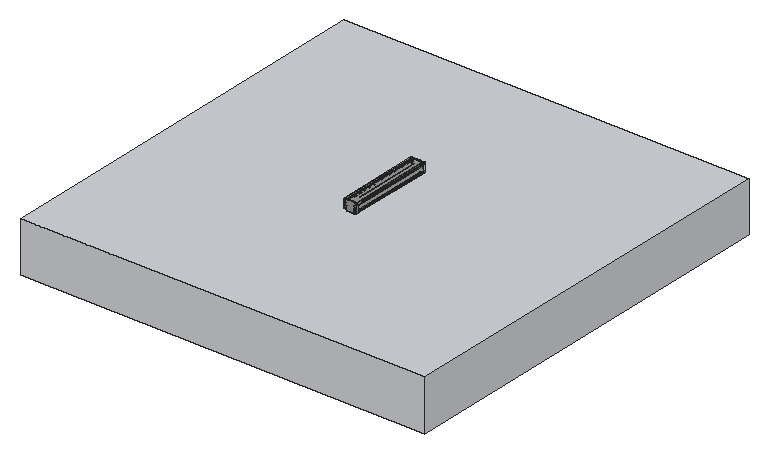
Revit family "L-industry NEW 24", category Осветительные приборы, Revit 2017 (continued)
Types (10, lengths in mm): name | Wattage | built-in parameter 1150134 | Файл фотометрической сетки | built-in parameter 1150142 | built-in parameter 1150105 | Lumens | built-in parameter 1150107 | built-in parameter 1150106 | Артикул
  L-industry NEW 24 4.0K Д Duris | 20.2636 W | 12 | "L-industry NEW 24-23-D-4.0K-02 Duris.ies" | "IESNA:LM-63-1995\r\n[TEST]LEDEL\r\n[DATA]27.11.2018\r\n[MANUFAC]LEDEL\r\n[LUMCAT]L-industry NEW 24/23/Д/4.0K/02\r\n[LUMINAIRE]Для освещения  промышленных объектов, складов, декоративной подсветки  \r\n[MORE]\r\n[LAMPCAT]LED \r\n[LAMP]OSRAM DURIS\r\nTILT=NONE\r\n\r\n1 3068 2.4025058731401 37 19 1 2 0.533 0.083 0.166\r\n\r\n1 1 23\r\n\r\n0 2.5 5 7.5 10 12.5 15 17.5 20 22.5 25 27.5 30 32.5 35 37.5 40 42.5 45 47.5\r\n 50 52.5 55 57.5 60 62.5 65 67.5 70 72.5 75 77.5 80 82.5 85 87.5 90\r\n\r\n  0 5 10 15 20 25 30 35 40 45 50 55 60 65 70 75\r\n  80 85 90\r\n\r\n  647 647 644 639 633 625 612 600 586 573 559 541 522 494 439\r\n  381 335 296 261 229 199 158 122 103 99 98 81 66 60 59\r\n  52 50 44 35 20 5 1\r\n  648 648 647 640 633 626 616 605 592 575 561 542 522 498 444\r\n  385 337 298 262 221 190 161 133 115 111 107 86 71 68 59\r\n  48 47 40 31 18 3 1\r\n  648 648 647 641 638 627 617 603 589 576 561 543 522 499 451\r\n  392 337 296 243 197 168 159 141 119 94 84 77 65 53 55\r\n  52 44 37 28 15 3 1\r\n  647 648 647 642 635 625 614 601 589 575 559 542 521 495 460\r\n  404 343 286 225 191 167 144 125 103 88 84 80 75 58 43\r\n  42 41 34 25 13 4 1\r\n  647 649 647 640 632 622 613 601 586 574 556 537 515 491 461\r\n  414 354 281 232 194 167 143 120 115 112 92 69 55 55 54\r\n  43 34 28 21 12 3 1\r\n  647 649 647 640 631 623 616 602 589 575 559 536 516 494 467\r\n  433 373 285 230 199 170 148 129 112 95 83 74 71 61 47\r\n  44 44 31 22 12 3 1\r\n  647 649 647 639 631 625 615 602 591 576 559 536 519 494 469\r\n  433 379 303 239 199 181 171 140 112 96 91 86 71 63 61\r\n  53 43 38 30 19 5 1\r\n  647 648 644 639 631 625 614 601 589 574 557 542 521 500 469\r\n  428 370 324 277 228 195 164 136 121 112 107 80 61 66 63\r\n  55 50 44 36 22 6 1\r\n  647 648 644 639 633 626 611 601 589 575 557 541 524 503 474\r\n  433 373 322 290 269 231 180 150 146 142 114 94 88 80 68\r\n  62 58 47 41 24 9 2\r\n  647 647 644 637 631 623 610 601 590 575 559 541 525 503 474\r\n  428 365 317 286 269 237 189 149 128 122 105 85 78 80 63\r\n  62 59 52 43 30 13 3\r\n  647 648 648 642 641 634 619 611 600 584 570 553 535 515 492\r\n  454 395 341 308 283 245 197 168 165 151 120 104 94 77 71\r\n  68 59 54 44 31 14 4\r\n  647 648 649 644 639 633 622 611 600 586 572 553 535 512 485\r\n  447 395 341 299 259 223 182 148 126 124 116 88 68 67 62\r\n  62 55 47 39 27 11 4\r\n  647 649 649 642 639 633 618 609 600 586 569 549 529 509 483\r\n  447 395 328 269 219 193 182 157 120 103 102 94 73 67 66\r\n  51 46 43 32 21 10 3\r\n  647 649 649 644 639 632 625 610 600 584 567 545 524 500 474\r\n  440 386 309 253 218 185 160 140 117 96 87 85 77 60 52\r\n  46 39 34 27 15 6 3\r\n  647 648 648 647 638 630 624 611 595 582 565 544 521 495 468\r\n  432 380 310 251 209 181 156 135 128 117 92 66 62 61 58\r\n  44 35 30 21 12 5 3\r\n  647 649 648 647 639 631 618 610 599 583 567 550 524 499 469\r\n  430 376 308 244 209 181 156 140 119 97 92 85 77 61 42\r\n  42 39 31 20 14 6 2\r\n  648 649 648 644 639 632 620 606 595 584 567 546 524 496 461\r\n  413 357 307 255 215 192 178 152 113 94 86 83 68 59 55\r\n  44 36 30 22 12 5 3\r\n  648 648 647 643 639 632 623 611 597 582 566 546 526 500 465\r\n  413 363 323 281 241 211 184 144 125 121 116 92 70 69 59\r\n  47 41 37 27 14 6 2\r\n  647 648 645 642 639 630 618 607 597 581 567 552 529 504 471\r\n  420 364 316 280 250 220 181 124 103 103 108 90 63 63 66\r\n  46 43 38 26 14 5 3\r\n\r\n" | 239.53 (stored number, unit not read) | 3010 lm | 4000 (stored number, unit not read) | 2.3953 (stored number, unit not read) | "511102700742300"
  L-industry NEW 24 5.0K Д Duris | 20.2636 W | 2 | "L-industry NEW 24-23D-5.0K-02 Duris.ies" | "IESNA:LM-63-1995\r\n[TEST]LEDEL\r\n[DATA]27.11.2018\r\n[MANUFAC]LEDEL\r\n[LUMCAT]L-industry NEW 24/23/Д/5.0K/02\r\n[LUMINAIRE]Для освещения  промышленных объектов, складов, декоративной подсветки  \r\n[MORE]\r\n[LAMPCAT]LED \r\n[LAMP]OSRAM DURIS\r\nTILT=NONE\r\n\r\n1 3068 2.4025058731401 37 19 1 2 0.533 0.083 0.166\r\n\r\n1 1 23\r\n\r\n0 2.5 5 7.5 10 12.5 15 17.5 20 22.5 25 27.5 30 32.5 35 37.5 40 42.5 45 47.5\r\n 50 52.5 55 57.5 60 62.5 65 67.5 70 72.5 75 77.5 80 82.5 85 87.5 90\r\n\r\n  0 5 10 15 20 25 30 35 40 45 50 55 60 65 70 75\r\n  80 85 90\r\n\r\n  647 647 644 639 633 625 612 600 586 573 559 541 522 494 439\r\n  381 335 296 261 229 199 158 122 103 99 98 81 66 60 59\r\n  52 50 44 35 20 5 1\r\n  648 648 647 640 633 626 616 605 592 575 561 542 522 498 444\r\n  385 337 298 262 221 190 161 133 115 111 107 86 71 68 59\r\n  48 47 40 31 18 3 1\r\n  648 648 647 641 638 627 617 603 589 576 561 543 522 499 451\r\n  392 337 296 243 197 168 159 141 119 94 84 77 65 53 55\r\n  52 44 37 28 15 3 1\r\n  647 648 647 642 635 625 614 601 589 575 559 542 521 495 460\r\n  404 343 286 225 191 167 144 125 103 88 84 80 75 58 43\r\n  42 41 34 25 13 4 1\r\n  647 649 647 640 632 622 613 601 586 574 556 537 515 491 461\r\n  414 354 281 232 194 167 143 120 115 112 92 69 55 55 54\r\n  43 34 28 21 12 3 1\r\n  647 649 647 640 631 623 616 602 589 575 559 536 516 494 467\r\n  433 373 285 230 199 170 148 129 112 95 83 74 71 61 47\r\n  44 44 31 22 12 3 1\r\n  647 649 647 639 631 625 615 602 591 576 559 536 519 494 469\r\n  433 379 303 239 199 181 171 140 112 96 91 86 71 63 61\r\n  53 43 38 30 19 5 1\r\n  647 648 644 639 631 625 614 601 589 574 557 542 521 500 469\r\n  428 370 324 277 228 195 164 136 121 112 107 80 61 66 63\r\n  55 50 44 36 22 6 1\r\n  647 648 644 639 633 626 611 601 589 575 557 541 524 503 474\r\n  433 373 322 290 269 231 180 150 146 142 114 94 88 80 68\r\n  62 58 47 41 24 9 2\r\n  647 647 644 637 631 623 610 601 590 575 559 541 525 503 474\r\n  428 365 317 286 269 237 189 149 128 122 105 85 78 80 63\r\n  62 59 52 43 30 13 3\r\n  647 648 648 642 641 634 619 611 600 584 570 553 535 515 492\r\n  454 395 341 308 283 245 197 168 165 151 120 104 94 77 71\r\n  68 59 54 44 31 14 4\r\n  647 648 649 644 639 633 622 611 600 586 572 553 535 512 485\r\n  447 395 341 299 259 223 182 148 126 124 116 88 68 67 62\r\n  62 55 47 39 27 11 4\r\n  647 649 649 642 639 633 618 609 600 586 569 549 529 509 483\r\n  447 395 328 269 219 193 182 157 120 103 102 94 73 67 66\r\n  51 46 43 32 21 10 3\r\n  647 649 649 644 639 632 625 610 600 584 567 545 524 500 474\r\n  440 386 309 253 218 185 160 140 117 96 87 85 77 60 52\r\n  46 39 34 27 15 6 3\r\n  647 648 648 647 638 630 624 611 595 582 565 544 521 495 468\r\n  432 380 310 251 209 181 156 135 128 117 92 66 62 61 58\r\n  44 35 30 21 12 5 3\r\n  647 649 648 647 639 631 618 610 599 583 567 550 524 499 469\r\n  430 376 308 244 209 181 156 140 119 97 92 85 77 61 42\r\n  42 39 31 20 14 6 2\r\n  648 649 648 644 639 632 620 606 595 584 567 546 524 496 461\r\n  413 357 307 255 215 192 178 152 113 94 86 83 68 59 55\r\n  44 36 30 22 12 5 3\r\n  648 648 647 643 639 632 623 611 597 582 566 546 526 500 465\r\n  413 363 323 281 241 211 184 144 125 121 116 92 70 69 59\r\n  47 41 37 27 14 6 2\r\n  647 648 645 642 639 630 618 607 597 581 567 552 529 504 471\r\n  420 364 316 280 250 220 181 124 103 103 108 90 63 63 66\r\n  46 43 38 26 14 5 3\r\n\r\n" | 239.53 (stored number, unit not read) | 3010 lm | 5000 (stored number, unit not read) | 2.3953 (stored number, unit not read) | "401033"
  L-industry NEW 24 5.0K Д | 20.2636 W | 2 | "L-industry NEW 24-23-D-5.0K-02.ies" | "IESNA:LM-63-1995\r\n[TEST]LEDEL\r\n[DATA]27.11.2018\r\n[MANUFAC]LEDEL\r\n[LUMCAT]L-industry NEW 24/23/Д/5.0K/02\r\n[LUMINAIRE]Для освещения  промышленных объектов, складов, декоративной подсветки  \r\n[MORE]\r\n[LAMPCAT]LED \r\n[LAMP]OSRAM OSLON\r\nTILT=NONE\r\n\r\n1 3010 2.146932952924355 37 19 1 2 0.533 0.083 0.166\r\n\r\n1 1 23\r\n\r\n0 2.5 5 7.5 10 12.5 15 17.5 20 22.5 25 27.5 30 32.5 35 37.5 40 42.5 45 47.5\r\n 50 52.5 55 57.5 60 62.5 65 67.5 70 72.5 75 77.5 80 82.5 85 87.5 90\r\n\r\n  0 5 10 15 20 25 30 35 40 45 50 55 60 65 70 75\r\n  80 85 90\r\n\r\n  720 725 728 712 704 700 683 669 654 632 615 586 558 523 478\r\n  408 362 320 277 237 206 164 127 105 101 104 88 70 67 68\r\n  61 62 54 46 29 14 11\r\n  717 729 723 706 704 699 682 667 655 633 615 591 559 525 481\r\n  411 362 322 280 239 203 175 142 119 111 112 94 78 77 68\r\n  56 55 49 41 26 11 3\r\n  717 727 726 706 698 694 680 667 652 630 611 586 559 525 482\r\n  413 356 310 261 212 181 169 149 126 104 91 87 72 61 62\r\n  63 54 47 42 27 15 6\r\n  716 727 724 707 695 695 682 665 648 631 615 586 562 529 485\r\n  425 356 304 248 202 179 159 138 115 97 88 84 82 70 53\r\n  47 47 44 34 22 12 5\r\n  717 723 724 711 696 688 682 665 651 633 614 591 561 529 489\r\n  436 363 300 252 209 176 151 129 119 118 103 80 68 66 61\r\n  55 43 39 31 21 14 6\r\n  717 720 721 717 699 683 676 670 649 632 613 586 563 528 486\r\n  436 382 300 246 213 183 158 137 124 110 92 81 75 71 60\r\n  55 52 43 31 22 14 6\r\n  716 716 714 715 707 686 673 663 649 632 614 591 561 523 485\r\n  442 395 321 252 213 190 178 157 126 106 98 94 84 70 66\r\n  61 52 46 39 28 13 5\r\n  714 714 708 709 704 694 680 659 647 630 611 589 557 525 486\r\n  450 403 346 299 246 214 185 153 133 119 112 96 71 72 75\r\n  67 62 56 47 35 20 6\r\n  717 711 708 700 696 689 676 664 651 635 615 591 559 528 497\r\n  461 414 356 313 281 250 199 163 151 146 128 104 96 93 79\r\n  69 70 61 51 37 21 6\r\n  717 712 706 701 690 681 671 659 643 629 607 577 547 519 488\r\n  453 395 340 304 279 244 192 150 128 121 109 85 78 85 66\r\n  63 62 54 46 28 12 3\r\n  717 721 718 720 717 712 706 695 683 666 647 620 597 568 537\r\n  500 440 385 344 307 263 214 182 175 161 129 106 100 90 75\r\n  72 68 61 50 36 18 4\r\n  714 721 721 727 730 718 705 688 677 670 656 630 599 568 534\r\n  496 444 379 326 282 246 206 163 137 129 121 97 73 72 69\r\n  66 61 52 43 29 14 4\r\n  716 722 729 732 727 711 699 692 683 666 649 627 592 558 521\r\n  480 425 350 292 241 214 203 174 133 116 111 104 84 71 68\r\n  58 48 47 36 22 11 3\r\n  717 724 733 730 717 708 704 693 674 663 643 622 592 553 511\r\n  467 411 338 280 243 206 176 152 132 109 98 91 84 70 59\r\n  51 45 36 29 19 6 4\r\n  717 723 734 727 714 712 710 691 675 660 643 625 592 554 511\r\n  460 404 341 277 229 199 169 143 136 129 104 76 69 66 62\r\n  52 39 33 25 17 6 3\r\n  716 726 733 720 712 715 705 688 675 660 642 615 589 552 508\r\n  454 395 325 262 225 198 174 154 128 107 101 92 86 69 47\r\n  47 43 34 26 14 5 2\r\n  717 726 729 715 713 714 699 688 674 656 635 615 584 546 509\r\n  456 391 338 288 241 211 193 173 130 107 96 93 77 60 62\r\n  54 43 36 28 17 6 3\r\n  717 726 730 713 712 711 693 686 671 652 631 608 576 540 502\r\n  448 391 345 302 260 228 195 151 132 126 120 100 83 77 64\r\n  53 47 43 30 15 6 3\r\n  720 727 727 712 714 709 688 681 666 644 626 601 571 537 499\r\n  444 389 340 296 260 232 192 133 109 106 116 103 69 68 76\r\n  54 47 47 31 14 6 3\r\n\r\n" | 239.53 (stored number, unit not read) | 3010 lm | 5000 (stored number, unit not read) | 2.3953 (stored number, unit not read) | "401033"
  L-industry NEW 24 5.0K К15 | 20.203 W | 2 | "L-industry NEW 24-23-K15-5.0K-01.ies" | "IESNA:LM-63-1995\r\n[TEST]LEDEL\r\n[DATA]27.11.2018\r\n[MANUFAC]LEDEL\r\n[LUMCAT]L-industry NEW 24/23/К15/5.0K/01\r\n[LUMINAIRE]Для освещения  промышленных объектов, складов, декоративной подсветки  \r\n[MORE]\r\n[LAMPCAT]LED \r\n[LAMP]OSRAM OSLON\r\nTILT=NONE\r\n\r\n1 3001 1.17594004388714 37 19 1 2 0.533 0.083 0.166\r\n\r\n1 1 23\r\n\r\n0 2.5 5 7.5 10 12.5 15 17.5 20 22.5 25 27.5 30 32.5 35 37.5 40 42.5 45 47.5\r\n 50 52.5 55 57.5 60 62.5 65 67.5 70 72.5 75 77.5 80 82.5 85 87.5 90\r\n\r\n  0 5 10 15 20 25 30 35 40 45 50 55 60 65 70 75\r\n  80 85 90\r\n\r\n  12526 11748 9750 7087 4930 3382 2257 1506 1026 741 594 525 462 425 367\r\n  308 279 250 206 194 162 132 125 103 103 66 59 59 52 30\r\n  30 4 1 1 1 1 1\r\n  12556 11751 9911 7295 5106 3602 2432 1646 1107 774 608 517 469 422 367\r\n  315 279 261 213 206 176 136 132 106 96 88 59 56 44 41\r\n  30 15 8 1 1 1 1\r\n  12512 11637 9787 7137 4974 3500 2366 1624 1063 759 601 513 469 425 367\r\n  337 301 264 220 191 176 147 132 118 103 88 88 59 44 33\r\n  30 19 8 1 1 1 1\r\n  12526 11704 10102 7570 5231 3675 2520 1719 1158 785 623 528 499 440 381\r\n  341 293 264 220 194 176 147 132 118 103 88 74 59 52 44\r\n  30 26 15 1 1 1 1\r\n  12526 12548 11845 10201 7626 5342 3626 2399 1597 1088 777 630 528 499 440\r\n  381 337 305 264 227 206 176 140 132 118 103 88 82 59 44\r\n  37 26 22 12 1 1 1\r\n  12512 12588 11999 10275 7618 5357 3663 2446 1656 1121 792 619 543 492 425\r\n  381 352 293 264 220 198 188 147 129 118 103 88 66 59 33\r\n  37 26 15 1 1 1 1\r\n  12556 12603 11933 9993 7333 5156 3509 2358 1583 1077 770 616 543 492 440\r\n  381 337 279 235 220 206 154 132 121 118 103 88 82 59 44\r\n  30 15 1 1 1 1 1\r\n  12519 12614 12028 10154 7509 5284 3626 2431 1656 1103 777 616 535 499 447\r\n  378 323 279 250 220 198 176 147 129 110 100 96 82 59 41\r\n  30 15 1 1 1 1 1\r\n  12526 12599 11904 9967 7325 5166 3546 2361 1627 1103 770 619 528 510 447\r\n  381 323 282 250 220 191 191 147 129 110 114 96 66 59 44\r\n  37 15 8 1 1 1 1\r\n  12526 11748 9750 7087 4930 3382 2257 1506 1026 741 594 525 462 425 367\r\n  308 279 250 206 194 162 132 125 103 103 66 59 59 52 30\r\n  30 4 1 1 1 1 1\r\n  12526 11748 9750 7087 4930 3382 2257 1506 1026 741 594 525 462 425 367\r\n  308 279 250 206 194 162 132 125 103 103 66 59 59 52 30\r\n  30 4 1 1 1 1 1\r\n  12526 11748 9750 7087 4930 3382 2257 1506 1026 741 594 525 462 425 367\r\n  308 279 250 206 194 162 132 125 103 103 66 59 59 52 30\r\n  30 4 1 1 1 1 1\r\n  12526 11748 9750 7087 4930 3382 2257 1506 1026 741 594 525 462 425 367\r\n  308 279 250 206 194 162 132 125 103 103 66 59 59 52 30\r\n  30 4 1 1 1 1 1\r\n  12526 11748 9750 7087 4930 3382 2257 1506 1026 741 594 525 462 425 367\r\n  308 279 250 206 194 162 132 125 103 103 66 59 59 52 30\r\n  30 4 1 1 1 1 1\r\n  12526 11748 9750 7087 4930 3382 2257 1506 1026 741 594 525 462 425 367\r\n  308 279 250 206 194 162 132 125 103 103 66 59 59 52 30\r\n  30 4 1 1 1 1 1\r\n  12526 11748 9750 7087 4930 3382 2257 1506 1026 741 594 525 462 425 367\r\n  308 279 250 206 194 162 132 125 103 103 66 59 59 52 30\r\n  30 4 1 1 1 1 1\r\n  12526 11748 9750 7087 4930 3382 2257 1506 1026 741 594 525 462 425 367\r\n  308 279 250 206 194 162 132 125 103 103 66 59 59 52 30\r\n  30 4 1 1 1 1 1\r\n  12526 11748 9750 7087 4930 3382 2257 1506 1026 741 594 525 462 425 367\r\n  308 279 250 206 194 162 132 125 103 103 66 59 59 52 30\r\n  30 4 1 1 1 1 1\r\n  12526 11748 9750 7087 4930 3382 2257 1506 1026 741 594 525 462 425 367\r\n  308 279 250 206 194 162 132 125 103 103 66 59 59 52 30\r\n  30 4 1 1 1 1 1\r\n\r\n" | 238.81 (stored number, unit not read) | 3001 lm | 5000 (stored number, unit not read) | 2.3881 (stored number, unit not read) | "401030"
  L-industry NEW 24 4.0K К15 | 20.203 W | 12 | "L-industry NEW 24-23-K15-4.0K-01.ies" | "IESNA:LM-63-1995\r\n[TEST]LEDEL\r\n[DATA]27.11.2018\r\n[MANUFAC]LEDEL\r\n[LUMCAT]L-industry NEW 24/23/К15/4.0K/01\r\n[LUMINAIRE]Для освещения  промышленных объектов, складов, декоративной подсветки  \r\n[MORE]\r\n[LAMPCAT]LED \r\n[LAMP]OSRAM OSLON\r\nTILT=NONE\r\n\r\n1 3001 1.17594004388714 37 19 1 2 0.533 0.083 0.166\r\n\r\n1 1 23\r\n\r\n0 2.5 5 7.5 10 12.5 15 17.5 20 22.5 25 27.5 30 32.5 35 37.5 40 42.5 45 47.5\r\n 50 52.5 55 57.5 60 62.5 65 67.5 70 72.5 75 77.5 80 82.5 85 87.5 90\r\n\r\n  0 5 10 15 20 25 30 35 40 45 50 55 60 65 70 75\r\n  80 85 90\r\n\r\n  12526 11748 9750 7087 4930 3382 2257 1506 1026 741 594 525 462 425 367\r\n  308 279 250 206 194 162 132 125 103 103 66 59 59 52 30\r\n  30 4 1 1 1 1 1\r\n  12556 11751 9911 7295 5106 3602 2432 1646 1107 774 608 517 469 422 367\r\n  315 279 261 213 206 176 136 132 106 96 88 59 56 44 41\r\n  30 15 8 1 1 1 1\r\n  12512 11637 9787 7137 4974 3500 2366 1624 1063 759 601 513 469 425 367\r\n  337 301 264 220 191 176 147 132 118 103 88 88 59 44 33\r\n  30 19 8 1 1 1 1\r\n  12526 11704 10102 7570 5231 3675 2520 1719 1158 785 623 528 499 440 381\r\n  341 293 264 220 194 176 147 132 118 103 88 74 59 52 44\r\n  30 26 15 1 1 1 1\r\n  12526 12548 11845 10201 7626 5342 3626 2399 1597 1088 777 630 528 499 440\r\n  381 337 305 264 227 206 176 140 132 118 103 88 82 59 44\r\n  37 26 22 12 1 1 1\r\n  12512 12588 11999 10275 7618 5357 3663 2446 1656 1121 792 619 543 492 425\r\n  381 352 293 264 220 198 188 147 129 118 103 88 66 59 33\r\n  37 26 15 1 1 1 1\r\n  12556 12603 11933 9993 7333 5156 3509 2358 1583 1077 770 616 543 492 440\r\n  381 337 279 235 220 206 154 132 121 118 103 88 82 59 44\r\n  30 15 1 1 1 1 1\r\n  12519 12614 12028 10154 7509 5284 3626 2431 1656 1103 777 616 535 499 447\r\n  378 323 279 250 220 198 176 147 129 110 100 96 82 59 41\r\n  30 15 1 1 1 1 1\r\n  12526 12599 11904 9967 7325 5166 3546 2361 1627 1103 770 619 528 510 447\r\n  381 323 282 250 220 191 191 147 129 110 114 96 66 59 44\r\n  37 15 8 1 1 1 1\r\n  12526 11748 9750 7087 4930 3382 2257 1506 1026 741 594 525 462 425 367\r\n  308 279 250 206 194 162 132 125 103 103 66 59 59 52 30\r\n  30 4 1 1 1 1 1\r\n  12526 11748 9750 7087 4930 3382 2257 1506 1026 741 594 525 462 425 367\r\n  308 279 250 206 194 162 132 125 103 103 66 59 59 52 30\r\n  30 4 1 1 1 1 1\r\n  12526 11748 9750 7087 4930 3382 2257 1506 1026 741 594 525 462 425 367\r\n  308 279 250 206 194 162 132 125 103 103 66 59 59 52 30\r\n  30 4 1 1 1 1 1\r\n  12526 11748 9750 7087 4930 3382 2257 1506 1026 741 594 525 462 425 367\r\n  308 279 250 206 194 162 132 125 103 103 66 59 59 52 30\r\n  30 4 1 1 1 1 1\r\n  12526 11748 9750 7087 4930 3382 2257 1506 1026 741 594 525 462 425 367\r\n  308 279 250 206 194 162 132 125 103 103 66 59 59 52 30\r\n  30 4 1 1 1 1 1\r\n  12526 11748 9750 7087 4930 3382 2257 1506 1026 741 594 525 462 425 367\r\n  308 279 250 206 194 162 132 125 103 103 66 59 59 52 30\r\n  30 4 1 1 1 1 1\r\n  12526 11748 9750 7087 4930 3382 2257 1506 1026 741 594 525 462 425 367\r\n  308 279 250 206 194 162 132 125 103 103 66 59 59 52 30\r\n  30 4 1 1 1 1 1\r\n  12526 11748 9750 7087 4930 3382 2257 1506 1026 741 594 525 462 425 367\r\n  308 279 250 206 194 162 132 125 103 103 66 59 59 52 30\r\n  30 4 1 1 1 1 1\r\n  12526 11748 9750 7087 4930 3382 2257 1506 1026 741 594 525 462 425 367\r\n  308 279 250 206 194 162 132 125 103 103 66 59 59 52 30\r\n  30 4 1 1 1 1 1\r\n  12526 11748 9750 7087 4930 3382 2257 1506 1026 741 594 525 462 425 367\r\n  308 279 250 206 194 162 132 125 103 103 66 59 59 52 30\r\n  30 4 1 1 1 1 1\r\n\r\n" | 238.81 (stored number, unit not read) | 3001 lm | 4000 (stored number, unit not read) | 2.3881 (stored number, unit not read) | "511102702741300"
  L-industry NEW 24 4.0K Г30 | 20.2502 W | 12 | "L-industry NEW 24-23-G30-4.0K-01.ies" | "IESNA:LM-63-1995\r\n[TEST]LEDEL\r\n[DATA]27.11.2018\r\n[MANUFAC]LEDEL\r\n[LUMCAT]L-industry NEW 24/23/Г30/4.0K/01\r\n[LUMINAIRE]Для освещения  промышленных объектов, складов, декоративной подсветки  \r\n[MORE]\r\n[LAMPCAT]LED \r\n[LAMP]OSRAM OSLON\r\nTILT=NONE\r\n\r\n1 3008 1.9711664482306 37 19 1 2 0.533 0.083 0.166\r\n\r\n1 1 23\r\n\r\n0 2.5 5 7.5 10 12.5 15 17.5 20 22.5 25 27.5 30 32.5 35 37.5 40 42.5 45 47.5\r\n 50 52.5 55 57.5 60 62.5 65 67.5 70 72.5 75 77.5 80 82.5 85 87.5 90\r\n\r\n  0 5 10 15 20 25 30 35 40 45 50 55 60 65 70 75\r\n  80 85 90\r\n\r\n  3379 3230 2931 2592 2299 2089 1851 1514 1087 732 479 333 273 238 205\r\n  196 176 162 141 128 115 101 88 81 66 58 49 40 36 27\r\n  14 9 5 5 1 1 1\r\n  3377 3217 2938 2627 2345 2110 1860 1495 1068 719 477 333 273 237 207\r\n  181 167 153 137 123 110 101 86 80 66 58 44 40 31 25\r\n  14 5 1 1 3 1 1\r\n  3382 3252 3028 2782 2517 2238 1950 1563 1122 748 488 343 275 238 207\r\n  184 163 154 137 123 110 95 88 75 66 57 49 39 31 25\r\n  16 6 5 1 3 1 1\r\n  3382 3278 3101 2936 2721 2428 2053 1645 1199 812 521 353 279 246 213\r\n  189 176 155 141 128 110 99 88 75 66 61 53 40 36 18\r\n  18 9 3 1 3 1 1\r\n  3382 3279 3142 3019 2846 2534 2099 1649 1221 830 525 355 277 244 218\r\n  196 176 158 141 123 110 101 86 76 66 58 44 37 29 27\r\n  16 13 7 1 1 1 1\r\n  3380 3291 3165 3045 2890 2586 2125 1625 1194 814 524 355 280 238 214\r\n  196 174 158 137 124 110 93 86 79 64 57 44 36 29 27\r\n  16 9 5 4 1 1 1\r\n  3382 3290 3156 3012 2837 2567 2101 1572 1117 766 506 347 277 238 209\r\n  189 176 159 137 124 108 100 82 75 62 54 44 36 29 20\r\n  16 10 5 4 3 1 1\r\n  3376 3287 3145 2974 2776 2505 2064 1527 1047 723 488 335 264 232 207\r\n  188 176 158 139 127 110 100 88 76 64 58 53 40 33 27\r\n  18 10 9 5 1 1 3\r\n  3376 3287 3130 2952 2747 2471 2062 1538 1038 713 497 345 262 229 200\r\n  181 172 154 137 124 110 95 84 75 64 57 49 40 36 28\r\n  18 13 9 5 1 1 1\r\n  3347 3239 3073 2890 2659 2357 1921 1400 932 645 460 315 258 223 194\r\n  176 163 153 135 124 110 102 84 80 64 58 44 42 33 30\r\n  18 14 9 5 1 2 1\r\n  3376 3364 3259 3089 2877 2637 2314 1837 1312 902 611 419 308 259 229\r\n  202 185 176 159 138 128 110 97 85 77 66 60 53 38 36\r\n  27 15 11 9 5 1 1\r\n  3376 3359 3253 3102 2912 2700 2394 1918 1392 972 660 444 317 266 233\r\n  204 187 176 154 137 124 110 102 85 80 66 58 44 36 31\r\n  22 18 11 9 5 5 1\r\n  3382 3349 3229 3086 2921 2709 2345 1845 1345 945 629 420 310 271 236\r\n  211 198 177 159 141 124 110 97 88 77 66 58 46 38 31\r\n  22 15 11 6 5 4 1\r\n  3380 3333 3185 3047 2910 2663 2257 1781 1339 942 614 408 306 261 227\r\n  202 181 165 152 132 124 110 93 85 75 59 53 44 40 31\r\n  22 14 14 5 1 5 1\r\n  3382 3322 3151 2988 2839 2606 2227 1806 1395 993 650 428 321 266 233\r\n  207 187 172 154 133 123 107 97 84 71 63 58 44 40 28\r\n  22 15 9 5 5 2 3\r\n  3382 3307 3101 2883 2688 2442 2110 1743 1335 934 613 412 317 261 227\r\n  198 181 163 150 132 123 107 93 84 75 63 55 44 36 28\r\n  27 15 9 5 1 5 3\r\n  3382 3293 3048 2773 2512 2261 2012 1705 1307 922 613 419 317 255 220\r\n  189 172 159 150 132 119 106 93 84 75 64 53 44 38 31\r\n  18 14 9 2 1 1 3\r\n  3377 3308 3043 2715 2398 2146 1944 1661 1272 896 606 412 310 260 220\r\n  189 174 159 145 132 123 106 97 82 75 62 58 44 36 30\r\n  18 10 7 7 1 1 1\r\n  3379 3291 3019 2679 2350 2110 1930 1681 1307 941 646 437 328 273 229\r\n  198 183 170 154 136 126 110 101 83 75 66 55 44 33 30\r\n  22 14 7 4 3 1 3\r\n\r" | 239.37 (stored number, unit not read) | 3008 lm | 4000 (stored number, unit not read) | 2.3937 (stored number, unit not read) | "511102704741300"
